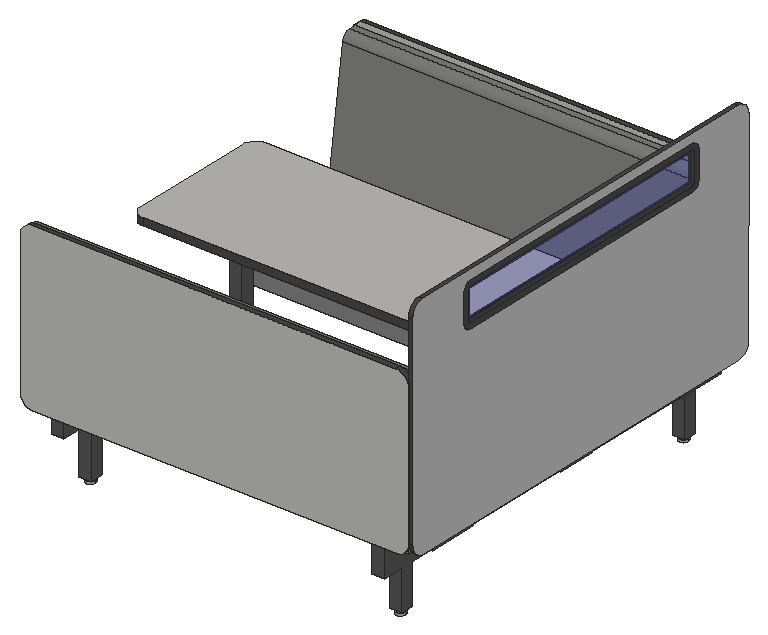
Revit family "Chariot Booth Windows - ES Width", category Furniture, Revit 2020
Family settings
  OmniClass Number = 23.40.20.00
  OmniClass Title = General Furniture and Specialties
  Work Plane-Based = No
  Always vertical = Yes
  Cut with Voids When Loaded = No
  Shared = No
  Room Calculation Point = No
Parameters (values of type "BOOTH20-60FB-6W")
  Window Width = if(Width = 3' 6", 2' 9 3/8", if(Width = 4' 0", 3' 1 3/8", 3' 9 3/8"))  # 3' - 9 3/8"
  Window Trim [instance] = Palmer Hamilton - Edge
  Window Height = if([Window 6"], 0' 5 11/16", 0' 11 11/16")  # 0' - 5 11/16"
  Window 6" = yes
  Window 12" = not([Window 6"])  # no
  Width = 5' - 0"
  Upholstered [instance] = no
  UK Secondary Seat Count = 6
  UK Primary Seat Count = 6
  Top Edge [instance] = Palmer Hamilton - Edge
  Top [instance] = Palmer Hamilton Lt Gry
  Smartedge [instance] = no
  Side Windows [instance] = not(Back Window)  # no
  Side Panel Laminate [instance] = Palmer Hamilton Lt Gry
  Side Panel [instance] = yes
  Seat Back [instance] = Fabric-Gen-Grey
  Seat [instance] = Fabric-Gen-Grey
  PanelHeight [instance] = if([Window 6"], 3' 11 115/128", 4' 7 115/128")  # 3' - 11 115/128"
  Panel Outside [instance] = Palmer Hamilton Lt Gry
  Panel Inside [instance] = Palmer Hamilton Lt Gry
  Model = "BOOTH20-60FB"
  Infill Panels [instance] = Glass
  High School [instance] = not(Elementary)  # no
  HS Seat Count = 6
  Frame [instance] = Palmer Hamilton Black
  Fiberglass [instance] = not(Upholstered)  # yes
  Elementary [instance] = yes
  Edgeguard [instance] = not(Smartedge)  # yes
  Edge [instance] = Palmer Hamilton Black Plastic
  ES Seat Count = 6
  Default Elevation = 0' - 0"
  Booth Width [instance] = if(Elementary, 5' 6", 5' 10")  # 5' - 6"
  Back Window [instance] = yes
Types (7): name | Window Width | Window Height | Window 6" | Window 12" | Width | UK Secondary Seat Count | UK Primary Seat Count | PanelHeight | Model | HS Seat Count | Frame | Edge | ES Seat Count
  (no name) | 3' - 9 3/8" | 0' - 5 11/16" | yes | no | 5' - 0" | 6 | 6 | 3' - 11 115/128" | "BOOTH20-60FB" | 6 | Palmer Hamilton Black | Palmer Hamilton Black Plastic | 6
  BOOTH20-42FB-6W | 2' - 9 3/8" | 0' - 5 11/16" | yes | no | 3' - 6" | 4 | 4 | 3' - 11 115/128" | "BOOTH20-42FB" | 4 | Palmer Hamilton - Frame | Palmer Hamilton - Edge | 4
  BOOTH20-60FB-6W | 3' - 9 3/8" | 0' - 5 11/16" | yes | no | 5' - 0" | 6 | 6 | 3' - 11 115/128" | "BOOTH20-60FB" | 6 | Palmer Hamilton Black | Palmer Hamilton Black Plastic | 6
  BOOTH20-48FB-6W | 3' - 1 3/8" | 0' - 5 11/16" | yes | no | 4' - 0" | 4 | 4 | 3' - 11 115/128" | "BOOTH20-48FB" | 4 | Palmer Hamilton Black | Palmer Hamilton Black Plastic | 4
  BOOTH20-42FB-12W | 2' - 9 3/8" | 0' - 11 11/16" | no | yes | 3' - 6" | 4 | 4 | 4' - 7 115/128" | "BOOTH20-42FB" | 4 | Palmer Hamilton - Frame | Palmer Hamilton - Edge | 4
  BOOTH20-48FB-12W | 3' - 1 3/8" | 0' - 11 11/16" | no | yes | 4' - 0" | 4 | 4 | 4' - 7 115/128" | "BOOTH20-48FB" | 4 | Palmer Hamilton Black | Palmer Hamilton Black Plastic | 4
  BOOTH20-60FB-12W | 3' - 9 3/8" | 0' - 11 11/16" | no | yes | 5' - 0" | 6 | 6 | 4' - 7 115/128" | "BOOTH20-60FB" | 6 | Palmer Hamilton Black | Palmer Hamilton Black Plastic | 6
Reference planes (in)
  plane 1 "Center Front/Back": y = 0
  plane 2: z = 0
  plane 3 "Center Left/Right": x = 0
  plane 4: x = 30
  plane 5: x = -30
  plane 6: y = 33
  plane 7: y = -33
  plane 8 "BoothTop": z = 47.89844
  plane 9: z = 45.89844
  plane 10: z = 40.21094
  plane 11: x = 22.6875
  plane 12: x = -22.6875
Forms (in)
  Extrusion 1, solid, material "Palmer Hamilton Black" <- "Frame"
    sketch origin (0, 17.82197, 0) x (0, 1, 0) y (0, 0, 1)
      loop
        line (7.05303, 0.71875) -> (9.05303, 0.71875) -> (9.05303, 9.125) -> (14.48803, 9.125) -> (14.48803, 17.875) -> (12.48803, 17.875) -> (12.48803, 11.125) -> (0.5, 11.125) -> (0.5, 9.125) -> (7.05303, 9.125) -> (7.05303, 0.71875)
    from -26.25 to -24.25
  Extrusion 2, solid, visible <- "Side Windows"
    sketch origin (0, 0, 0) x (1, 0, 0) y (0, 0, 1)
      loop
        arc (-28.625, 47.89844) -> (-30.03921, 47.31265) -> (-30.625, 45.89844) r 2
        line (-30.625, 45.89844) -> (-30.625, 13.8615)
        arc (-30.625, 13.8615) -> (-30.03921, 12.44729) -> (-28.625, 11.8615) r 2
        line (-28.625, 11.8615) -> (28.625, 11.8615)
        arc (28.625, 11.8615) -> (30.03921, 12.44729) -> (30.625, 13.8615) r 2
        line (30.625, 13.8615) -> (30.625, 45.89844)
        arc (30.625, 45.89844) -> (30.03921, 47.31265) -> (28.625, 47.89844) r 2
        line (28.625, 47.89844) -> (-28.625, 47.89844)
    from -33 to -32.31
  Revolve 3, solid, material "Palmer Hamilton - Steel"
    sketch origin (0, 25.875, 0) x (1, 0, 0) y (0, 0, 1)
      loop
        line (-25.25, 0.71875) -> (-25.25, 0) -> (-24.5, 0) -> (-24.5, 0.25) -> (-25.062, 0.57447) -> (-25.062, 0.71875) -> (-25.25, 0.71875)
      axis (-25.25, 0.71875) -> (-25.25, 0)
    angle from 0 to 360
  Revolve 4, solid, material "Palmer Hamilton - Steel"
    sketch origin (0, 27.875, 0) x (-1, 0, 0) y (0, 0, 1)
      loop
        line (-25.25, 0.71875) -> (-25.25, 0) -> (-24.5, 0) -> (-24.5, 0.25) -> (-25.062, 0.57447) -> (-25.062, 0.71875) -> (-25.25, 0.71875)
      axis (-25.25, 0.71875) -> (-25.25, 0)
    angle from 0 to 360
  Extrusion 5, solid, material "Palmer Hamilton Black" <- "Frame"
    sketch origin (0, 17.82197, 0) x (0, 1, 0) y (0, 0, -1)
      loop
        line (-17.82197, -11.125) -> (-22.82197, -11.125) -> (-22.82197, -26.90485) -> (-17.82197, -26.90485) -> (-12.82197, -26.90485) -> (-12.82197, -11.125) -> (-17.82197, -11.125)
      loop
        line (11.05303, -0.71875) -> (9.05303, -0.71875) -> (9.05303, -7.125) -> (-17.82197, -7.125) -> (-44.69697, -7.125) -> (-44.69697, -0.71875) -> (-46.69697, -0.71875) -> (-46.69697, -7.125) -> (-50.13197, -7.125) -> (-50.13197, -17.875) -> (-48.13197, -17.875) -> (-48.13197, -11.125) -> (-24.82197, -11.125) -> (-24.82197, -28.90485) -> (-17.82197, -28.90485) -> (-10.82197, -28.90485) -> (-10.82197, -11.125) -> (12.48803, -11.125) -> (12.48803, -17.875) -> (14.48803, -17.875) -> (14.48803, -7.125) -> (11.05303, -7.125) -> (11.05303, -0.71875)
    from -26.25 to -24.25
  Extrusion 6, solid, material "Fabric-Gen-Grey" <- "Seat Back", visible <- "Fiberglass"
    sketch origin (0, 17.82197, 0) x (0, 1, 0) y (0, 0, 1)
      loop
        arc (9.45696, 18.57019) -> (9.42777, 18.29252) -> (9.41803, 18.0135) r 4
        line (9.41803, 18.0135) -> (9.41803, 12.64434)
        arc (9.41803, 12.64434) -> (9.55836, 12.29701) -> (9.90057, 12.14464) r 0.5
        line (9.90057, 12.14464) -> (14.48803, 11.98435) -> (14.48803, 37.13912) -> (13.37058, 37.13912)
        arc (13.37058, 37.13912) -> (12.38649, 36.77118) -> (11.88518, 35.84788) r 1.5
        line (11.88518, 35.84788) -> (9.45696, 18.57019)
    from -30 to 30
  Extrusion 7, solid, visible <- "Edgeguard"
    sketch origin (-8.5675, 0, 0) x (0, -1, 0) y (1, 0, 0)
      loop
        arc (-10, 38.5675) -> (-11.41421, 37.98171) -> (-12, 36.5675) r 2
        line (-12, 36.5675) -> (-12, -19.4325)
        arc (-12, -19.4325) -> (-11.41421, -20.84671) -> (-10, -21.4325) r 2
        line (-10, -21.4325) -> (10, -21.4325)
        arc (10, -21.4325) -> (11.41421, -20.84671) -> (12, -19.4325) r 2
        line (12, -19.4325) -> (12, 36.5675)
        arc (12, 36.5675) -> (11.41421, 37.98171) -> (10, 38.5675) r 2
        line (10, 38.5675) -> (-10, 38.5675)
    from 28.90485 to 30.08985
  Extrusion 8, solid, material "Palmer Hamilton Black" <- "Frame"
    sketch origin (-8.5675, 0, 0) x (0, -1, 0) y (1, 0, 0)
      loop
        line (-1, -12.6825) -> (-1, -14.6825) -> (1, -14.6825) -> (1, -12.6825) -> (-1, -12.6825)
    from 28.90485 to 0.71875
  Revolve 9, solid, material "Palmer Hamilton - Steel"
    sketch origin (0, 0, 0) x (1, 0, 0) y (0, 0, 1)
      loop
        line (-22.25, 0.71875) -> (-22.25, 0) -> (-21.5, 0) -> (-21.5, 0.25) -> (-22.062, 0.57447) -> (-22.062, 0.71875) -> (-22.25, 0.71875)
      axis (-22.25, 0.71875) -> (-22.25, 0)
    angle from 0 to 360
  Revolve 10, solid, material "Palmer Hamilton - Steel"
    sketch origin (0, -25.875, 0) x (1, 0, 0) y (0, 0, -1)
      loop
        line (-25.25, -0.71875) -> (-25.062, -0.71875) -> (-25.062, -0.57447) -> (-24.5, -0.25) -> (-24.5, 0) -> (-25.25, 0) -> (-25.25, -0.71875)
      axis (-25.25, -0.71875) -> (-25.25, 0)
    angle from 0 to 360
  Revolve 11, solid, material "Palmer Hamilton - Steel"
    sketch origin (0, -27.875, 0) x (-1, 0, 0) y (0, 0, 1)
      loop
        line (-25.25, 0.71875) -> (-25.25, 0) -> (-24.5, 0) -> (-24.5, 0.25) -> (-25.062, 0.57447) -> (-25.062, 0.71875) -> (-25.25, 0.71875)
      axis (-25.25, 0.71875) -> (-25.25, 0)
    angle from 0 to 360
  Extrusion 12, solid, material "Palmer Hamilton Black" <- "Frame"
    sketch origin (0, -17.82197, 0) x (0, -1, 0) y (0, 0, -1)
      loop
        line (7.05303, -0.71875) -> (7.05303, -9.125) -> (0.5, -9.125) -> (0.5, -11.125) -> (12.48803, -11.125) -> (12.48803, -17.875) -> (14.48803, -17.875) -> (14.48803, -9.125) -> (9.05303, -9.125) -> (9.05303, -0.71875) -> (7.05303, -0.71875)
    from -26.25 to -24.25
  Extrusion 13, solid, visible <- "Side Windows"
    sketch origin (0, 0, 0) x (1, 0, 0) y (0, 0, -1)
      loop
        line (-28.625, -47.89844) -> (28.625, -47.89844)
        arc (28.625, -47.89844) -> (30.03921, -47.31265) -> (30.625, -45.89844) r 2
        line (30.625, -45.89844) -> (30.625, -13.8615)
        arc (30.625, -13.8615) -> (30.03921, -12.44729) -> (28.625, -11.8615) r 2
        line (28.625, -11.8615) -> (-28.625, -11.8615)
        arc (-28.625, -11.8615) -> (-30.03921, -12.44729) -> (-30.625, -13.8615) r 2
        line (-30.625, -13.8615) -> (-30.625, -45.89844)
        arc (-30.625, -45.89844) -> (-30.03921, -47.31265) -> (-28.625, -47.89844) r 2
    from -33 to -32.31
  Extrusion 14, solid, material "Palmer Hamilton Black" <- "Frame", visible <- "Side Panel"
    sketch origin (0, 0, 0) x (1, 0, 0) y (0, 0, 1)
      loop
        line (23.25, 7.125) -> (23.5, 7.125) -> (23.5, 10.875) -> (30.625, 10.875) -> (30.625, 14.125) -> (30.375, 14.125) -> (30.375, 11.125) -> (23.25, 11.125) -> (23.25, 7.125)
    from 20.375 to 28.375
  Extrusion 15, solid, material "Palmer Hamilton Black" <- "Frame", visible <- "Side Panel"
    sketch origin (0, 0, 0) x (1, 0, 0) y (0, 0, -1)
      loop
        line (23.25, -7.125) -> (23.25, -11.125) -> (30.375, -11.125) -> (30.375, -14.125) -> (30.625, -14.125) -> (30.625, -10.875) -> (23.5, -10.875) -> (23.5, -7.125) -> (23.25, -7.125)
    from 20.375 to 28.375
  Extrusion 16, solid, material "Palmer Hamilton Black" <- "Frame", visible <- "Side Panel"
    sketch origin (0, 0, 0) x (1, 0, 0) y (0, 0, 1)
      loop
        line (23.25, 7.125) -> (23.5, 7.125) -> (23.5, 10.875) -> (30.625, 10.875) -> (30.625, 14.125) -> (30.375, 14.125) -> (30.375, 11.125) -> (23.25, 11.125) -> (23.25, 7.125)
    from -3 to 3
  Extrusion 17, solid, visible <- "Smartedge"
    sketch origin (-8.5675, 0, 0) x (0, -1, 0) y (1, 0, 0)
      loop
        arc (-11, -19.4325) -> (-10.70711, -20.13961) -> (-10, -20.4325) r 1
        line (-10, -20.4325) -> (10, -20.4325)
        arc (10, -20.4325) -> (10.70711, -20.13961) -> (11, -19.4325) r 1
        line (11, -19.4325) -> (11, 36.5675)
        arc (11, 36.5675) -> (10.70711, 37.27461) -> (10, 37.5675) r 1
        line (10, 37.5675) -> (-10, 37.5675)
        arc (-10, 37.5675) -> (-10.70711, 37.27461) -> (-11, 36.5675) r 1
        line (-11, 36.5675) -> (-11, -19.4325)
    from 28.90485 to 30.08985
  Sweep 18, solid, material "Palmer Hamilton - Edge" <- "Top Edge", visible <- "Smartedge"
    path origin (0, 0, 0) x (1, 0, 0) y (0, 1, 0)
      loop
        line (28, 11) -> (-28, 11)
        arc (-28, 11) -> (-28.70711, 10.70711) -> (-29, 10) r 1
        line (-29, 10) -> (-29, -10)
        arc (-29, -10) -> (-28.70711, -10.70711) -> (-28, -11) r 1
        line (-28, -11) -> (28, -11)
        arc (28, -11) -> (28.70711, -10.70711) -> (29, -10) r 1
        line (29, -10) -> (29, 10)
        arc (29, 10) -> (28.70711, 10.70711) -> (28, 11) r 1
    profile origin (0, 11, 0) x (0, -1, 0) y (0, 0, 1)
      loop
        arc (-0.40625, 30.09235) -> (-1, 29.4986) -> (-0.40625, 28.90485) r 0.59375
        line (-0.40625, 28.90485) -> (0, 28.90485) -> (0, 30.09235) -> (-0.40625, 30.09235)
  Extrusion 19, solid, material "Palmer Hamilton Lt Gry" <- "Side Panel Laminate", visible <- "Side Panel"
    sketch origin (0, 0, 0) x (0, 1, 0) y (0, 0, 1)
      loop
        line (31, 47.89844) -> (-31, 47.89844)
        arc (-31, 47.89844) -> (-32.41421, 47.31265) -> (-33, 45.89844) r 2
        line (-33, 45.89844) -> (-33, 13.8615)
        arc (-33, 13.8615) -> (-32.41421, 12.44729) -> (-31, 11.8615) r 2
        line (-31, 11.8615) -> (31, 11.8615)
        arc (31, 11.8615) -> (32.41421, 12.44729) -> (33, 13.8615) r 2
        line (33, 13.8615) -> (33, 45.89844)
        arc (33, 45.89844) -> (32.41421, 47.31265) -> (31, 47.89844) r 2
    from 30.625 to 31.3125
  Extrusion 20, void
    sketch origin (0, 0, 0) x (1, 0, 0) y (0, 0, 1)
      loop
        line (-22.6875, 45.89844) -> (-22.6875, 40.21094) -> (22.6875, 40.21094) -> (22.6875, 45.89844) -> (-22.6875, 45.89844)
    from -38.09403 to -28.875
  Extrusion 21, void
    sketch origin (0, 0, 0) x (1, 0, 0) y (0, 0, 1)
      loop
        line (-22.6875, 45.89844) -> (-22.6875, 40.21094) -> (22.6875, 40.21094) -> (22.6875, 45.89844) -> (-22.6875, 45.89844)
    from 28.875 to 40.29628
  Extrusion 22, void
    sketch origin (0, 0, 0) x (0, 1, 0) y (0, 0, 1)
      loop
        line (22.5, 45.89844) -> (-22.5, 45.89844) -> (-22.5, 40.21094) -> (22.5, 40.21094) -> (22.5, 45.89844)
    from 15.25 to 39.64754
  Extrusion 23, solid, material "Glass" <- "Infill Panels", visible <- "Side Windows"
    sketch origin (0, 0, 0) x (1, 0, 0) y (0, 0, 1)
      loop
        line (-22.6875, 45.89844) -> (-22.6875, 40.21094) -> (22.6875, 40.21094) -> (22.6875, 45.89844) -> (-22.6875, 45.89844)
    from 32.78125 to 32.53125
  Extrusion 24, solid, material "Glass" <- "Infill Panels", visible <- "Side Windows"
    sketch origin (0, 0, 0) x (1, 0, 0) y (0, 0, -1)
      loop
        line (-22.6875, -45.89844) -> (22.6875, -45.89844) -> (22.6875, -40.21094) -> (-22.6875, -40.21094) -> (-22.6875, -45.89844)
    from 32.78125 to 32.53125
  Extrusion 25, solid, material "Glass" <- "Infill Panels", visible <- "Side Panel"
    sketch origin (0, 0, 0) x (0, 1, 0) y (0, 0, 1)
      loop
        line (22.5, 45.89844) -> (-22.5, 45.89844) -> (-22.5, 40.21094) -> (22.5, 40.21094) -> (22.5, 45.89844)
    from 30.84375 to 31.09375
  Sweep 26, solid, material "Palmer Hamilton - Edge" <- "Window Trim", visible <- "Side Windows"
    path origin (0, 0, 0) x (1, 0, 0) y (0, 0, 1)
      loop
        arc (-21.9375, 45.89844) -> (-22.46783, 45.67877) -> (-22.6875, 45.14844) r 0.75
        line (-22.6875, 45.14844) -> (-22.6875, 40.96094)
        arc (-22.6875, 40.96094) -> (-22.46783, 40.43061) -> (-21.9375, 40.21094) r 0.75
        line (-21.9375, 40.21094) -> (21.9375, 40.21094)
        arc (21.9375, 40.21094) -> (22.46783, 40.43061) -> (22.6875, 40.96094) r 0.75
        line (22.6875, 40.96094) -> (22.6875, 45.14844)
        arc (22.6875, 45.14844) -> (22.46783, 45.67877) -> (21.9375, 45.89844) r 0.75
        line (21.9375, 45.89844) -> (-21.9375, 45.89844)
    profile origin (0, 0, 45.89844) x (0, 0, 1) y (0, -1, 0)
      loop
        line (0.625, 33.0625) -> (-0.125, 33.0625) -> (-0.125, 32.84375) -> (-0.625, 32.84375) -> (-0.625, 32.78125) -> (0, 32.78125) -> (0, 33) -> (0.625, 33) -> (0.625, 33.0625)
      loop
        line (0.625, 32.2475) -> (0.625, 32.31) -> (0, 32.31) -> (0, 32.53125) -> (-0.625, 32.53125) -> (-0.625, 32.46625) -> (-0.125, 32.46625) -> (-0.125, 32.2475) -> (0.625, 32.2475)
  Sweep 27, solid, material "Palmer Hamilton - Edge" <- "Window Trim", visible <- "Side Windows"
    path origin (0, 67.3125, 0) x (1, 0, 0) y (0, 0, 1)
      loop
        arc (-21.9375, 45.89844) -> (-22.46783, 45.67877) -> (-22.6875, 45.14844) r 0.75
        line (-22.6875, 45.14844) -> (-22.6875, 40.96094)
        arc (-22.6875, 40.96094) -> (-22.46783, 40.43061) -> (-21.9375, 40.21094) r 0.75
        line (-21.9375, 40.21094) -> (21.9375, 40.21094)
        arc (21.9375, 40.21094) -> (22.46783, 40.43061) -> (22.6875, 40.96094) r 0.75
        line (22.6875, 40.96094) -> (22.6875, 45.14844)
        arc (22.6875, 45.14844) -> (22.46783, 45.67877) -> (21.9375, 45.89844) r 0.75
        line (21.9375, 45.89844) -> (-21.9375, 45.89844)
    profile origin (0, 67.3125, 45.89844) x (0, 0, 1) y (0, -1, 0)
      loop
        line (0.625, 34.25) -> (0.625, 34.3125) -> (0, 34.3125) -> (0, 34.46875) -> (-0.625, 34.46875) -> (-0.625, 34.40625) -> (-0.125, 34.40625) -> (-0.125, 34.25) -> (0.625, 34.25)
      loop
        line (0.625, 35.0625) -> (-0.125, 35.0625) -> (-0.125, 34.90625) -> (-0.625, 34.90625) -> (-0.625, 34.84375) -> (0, 34.84375) -> (0, 35) -> (0.625, 35) -> (0.625, 35.0625)
  Sweep 28, solid, material "Palmer Hamilton - Edge" <- "Window Trim", visible <- "Side Panel"
    path origin (0, 0, 0) x (0, 1, 0) y (0, 0, 1)
      loop
        line (21.75, 45.89844) -> (-21.75, 45.89844)
        arc (-21.75, 45.89844) -> (-22.28033, 45.67877) -> (-22.5, 45.14844) r 0.75
        line (-22.5, 45.14844) -> (-22.5, 40.96094)
        arc (-22.5, 40.96094) -> (-22.28033, 40.43061) -> (-21.75, 40.21094) r 0.75
        line (-21.75, 40.21094) -> (21.75, 40.21094)
        arc (21.75, 40.21094) -> (22.28033, 40.43061) -> (22.5, 40.96094) r 0.75
        line (22.5, 40.96094) -> (22.5, 45.14844)
        arc (22.5, 45.14844) -> (22.28033, 45.67877) -> (21.75, 45.89844) r 0.75
    profile origin (0, 0, 45.89844) x (0, 0, -1) y (1, 0, 0)
      loop
        line (-0.625, 30.5625) -> (0.125, 30.5625) -> (0.125, 30.78125) -> (0.625, 30.78125) -> (0.625, 30.84375) -> (0, 30.84375) -> (0, 30.625) -> (-0.625, 30.625) -> (-0.625, 30.5625)
      loop
        line (-0.625, 31.375) -> (-0.625, 31.3125) -> (0, 31.3125) -> (0, 31.09375) -> (0.625, 31.09375) -> (0.625, 31.15625) -> (0.125, 31.15625) -> (0.125, 31.375) -> (-0.625, 31.375)
  Extrusion 29, solid, material "Fabric-Gen-Grey" <- "Seat Back", visible <- "Fiberglass"
    sketch origin (0, -17.82197, 0) x (0, -1, 0) y (0, 0, -1)
      loop
        line (9.45696, -18.57019) -> (11.88518, -35.84788)
        arc (11.88518, -35.84788) -> (12.38649, -36.77118) -> (13.37058, -37.13912) r 1.5
        line (13.37058, -37.13912) -> (14.48803, -37.13912) -> (14.48803, -11.98435) -> (9.90057, -12.14464)
        arc (9.90057, -12.14464) -> (9.55836, -12.29701) -> (9.41803, -12.64434) r 0.5
        line (9.41803, -12.64434) -> (9.41803, -18.0135)
        arc (9.41803, -18.0135) -> (9.42777, -18.29252) -> (9.45696, -18.57019) r 4
    from -30 to 30
  Extrusion 30, solid, visible <- "Back Window"
    sketch origin (0, 0, 0) x (1, 0, 0) y (0, 0, 1)
      loop
        arc (-28.625, 37.924) -> (-30.03921, 37.33822) -> (-30.625, 35.924) r 2
        line (-30.625, 35.924) -> (-30.625, 13.8615)
        arc (-30.625, 13.8615) -> (-30.03921, 12.44729) -> (-28.625, 11.8615) r 2
        line (-28.625, 11.8615) -> (28.625, 11.8615)
        arc (28.625, 11.8615) -> (30.03921, 12.44729) -> (30.625, 13.8615) r 2
        line (30.625, 13.8615) -> (30.625, 35.924)
        arc (30.625, 35.924) -> (30.03921, 37.33822) -> (28.625, 37.924) r 2
        line (28.625, 37.924) -> (-28.625, 37.924)
    from 32.31 to 33
  Extrusion 31, solid, visible <- "Back Window"
    sketch origin (0, 0, 0) x (1, 0, 0) y (0, 0, -1)
      loop
        line (-28.625, -37.924) -> (28.625, -37.924)
        arc (28.625, -37.924) -> (30.03921, -37.33822) -> (30.625, -35.924) r 2
        line (30.625, -35.924) -> (30.625, -13.8615)
        arc (30.625, -13.8615) -> (30.03921, -12.44729) -> (28.625, -11.8615) r 2
        line (28.625, -11.8615) -> (-28.625, -11.8615)
        arc (-28.625, -11.8615) -> (-30.03921, -12.44729) -> (-30.625, -13.8615) r 2
        line (-30.625, -13.8615) -> (-30.625, -35.924)
        arc (-30.625, -35.924) -> (-30.03921, -37.33822) -> (-28.625, -37.924) r 2
    from 32.31 to 33
Cuts and joins
  Extrusion 20 cuts Extrusion 2
  Extrusion 21 cuts Extrusion 13
  Extrusion 22 cuts Extrusion 19
Dimensions and locks (in)
  equal spacing: plane 4, plane 3 "Center Left/Right", plane 5
  "Width": plane 4 to plane 5
  locked: Extrusion 1 to plane 5 at 3.75
  locked: Extrusion 1 to Extrusion 1 at 2
  locked: Extrusion 2 sketch curve to plane 4 at 0.625
  locked: plane 5 to Extrusion 2 sketch curve at 0.625
  locked: Extrusion 5 to Extrusion 5 at 2
  locked: plane 4 to Extrusion 5 at 3.75
  locked: Extrusion 8 sketch curve to Extrusion 8 sketch curve at 2
  Extrusion 8 sketch curve to Extrusion 8 sketch curve = 0' - 2"
  locked: Extrusion 7 sketch curve to Extrusion 7 sketch curve at 24
  locked: Extrusion 12 to Extrusion 12 at 2
  locked: plane 5 to Extrusion 12 at 3.75
  locked: Extrusion 5 to plane 4 at 3.75
  "Booth Width": plane 7 to plane 6
  locked: Extrusion 2 to plane 6 at 0.69
  locked: plane 7 to Extrusion 13 at 0.69
  locked: Revolve 10 to plane 7 at 7.125
  locked: plane 6 to Revolve 3 at 7.125
  locked: plane 6 to Revolve 4 at 5.125
  locked: Revolve 11 to plane 7 at 5.125
  equal spacing: plane 7, plane 1 "Center Front/Back", plane 6
  Extrusion 19 sketch curve to plane 1 "Center Front/Back" to Extrusion 19 sketch curve = 2' - 9" locked, 2' - 9" locked
  locked: plane 6 to nested 1 at 7.3225
  locked: nested 2 to plane 7 at 7.3225
  locked: Extrusion 19 to plane 4 at 0.625
  locked: Extrusion 19 to Extrusion 19 at 0.6875
  locked: plane 6 to nested 3 at 7.51
  locked: nested 4 to plane 7 at 7.51
  locked: nested 6 to plane 7 at 0.69
  locked: plane 6 to nested 5 at 0.69
  "PanelHeight": plane 8 "BoothTop" to level
  locked: Extrusion 19 sketch curve to level at 11.8615
  equal spacing: plane 11, plane 3 "Center Left/Right", plane 12
  "Window Width": plane 11 to plane 12
  locked: plane 8 "BoothTop" to plane 9 at 2
  "Window Height": plane 9 to plane 10
  equal spacing: Extrusion 22 sketch curve, plane 1 "Center Front/Back", Extrusion 22 sketch curve
  locked: Extrusion 22 sketch curve to Extrusion 22 sketch curve at 45
  locked: Extrusion 23 to Extrusion 23 at 0.25
  locked: Extrusion 23 to cut or joined group of Extrusion 13, Extrusion 21 at 0.21875
  cut or joined group of Extrusion 2, Extrusion 20 to Extrusion 24 to Extrusion 24 = 0' - 0 7/32" locked, 0' - 0 1/4" locked
  cut or joined group of Extrusion 19, Extrusion 22 to Extrusion 25 to Extrusion 25 = 0' - 0 7/32" locked, 0' - 0 1/4" locked
  Extrusion 5 sketch curve to Extrusion 7 = 0' - 2"
  locked: Extrusion 6 sketch curve to level at 37.13912
  locked: Extrusion 12 to Revolve 10 sketch curve at 1
  locked: Extrusion 5 to Revolve 11 sketch curve at 1
  locked: Extrusion 5 to Revolve 4 sketch curve at 1
  locked: Extrusion 1 to Revolve 3 sketch curve at 1
  locked: Extrusion 29 sketch curve to level at 37.13912
  Extrusion 30 sketch curve to cut or joined group of Extrusion 13, Extrusion 21 to level = 2' - 2 1/16", 0' - 11.8615"
  Extrusion 30 to Extrusion 30 to level = 2' - 2 1/16" locked, 0' - 11.8615" locked
  locked: plane 6 to Extrusion 5 sketch curve at 0.69
  locked: plane 6 to Extrusion 5 sketch curve at 4.125
  locked: Extrusion 5 sketch curve to Extrusion 5 sketch curve at 2  (x4)
  equal spacing: Extrusion 5 sketch curve, plane 1 "Center Front/Back", Extrusion 5 sketch curve, locked at 7 each
  equal spacing: Extrusion 5 sketch curve, plane 1 "Center Front/Back", Extrusion 5 sketch curve, locked at 5 each
  locked: Extrusion 5 sketch curve to plane 7 at 0.69
  locked: Extrusion 5 sketch curve to plane 7 at 4.125
  radius of Extrusion 19 sketch curve = 0' - 2"  (x4)
  radius of Sweep 28 sketch curve = 0' - 0 3/4"  (x2)
  aligned and locked: level to plane 2
  aligned and locked: Extrusion 6 to plane 5
  aligned and locked: plane 4 to Extrusion 6
  aligned and locked: Extrusion 8 to Extrusion 7
  aligned and locked: plane 7 to Extrusion 13
  aligned and locked: Extrusion 2 to plane 6
  aligned and locked: plane 3 "Center Left/Right" to nested 1
  aligned and locked: nested 2 to plane 3 "Center Left/Right"
  aligned and locked: plane 3 "Center Left/Right" to nested 5
  aligned and locked: nested 6 to plane 3 "Center Left/Right"
  aligned and locked: Extrusion 13 sketch curve to plane 8 "BoothTop"
  aligned and locked: Extrusion 2 sketch curve to plane 8 "BoothTop"
  aligned and locked: Extrusion 19 sketch curve to plane 8 "BoothTop"
  aligned and locked: Extrusion 20 sketch curve to plane 9
  aligned and locked: plane 12 to Extrusion 20 sketch curve
  aligned and locked: plane 10 to Extrusion 20 sketch curve
  aligned and locked: Extrusion 20 sketch curve to plane 11
  aligned and locked: Extrusion 21 sketch curve to cut or joined group of Extrusion 2, Extrusion 20  (x4)
  aligned and locked: plane 9 to Extrusion 22 sketch curve
  aligned and locked: Extrusion 22 sketch curve to plane 10
  aligned and locked: Extrusion 23 sketch curve to cut or joined group of Extrusion 2, Extrusion 20  (x3)
  aligned and locked: Extrusion 23 sketch curve to plane 11
  aligned and locked: Extrusion 25 sketch curve to cut or joined group of Extrusion 19, Extrusion 22  (x4)
  aligned and locked: Sweep 26 sketch curve to cut or joined group of Extrusion 2, Extrusion 20  (x4)
  aligned and locked: Sweep 26 to cut or joined group of Extrusion 13, Extrusion 21
  aligned and locked: Extrusion 5 to Extrusion 7
  aligned and locked: Extrusion 7 to Extrusion 5 sketch curve
  aligned and locked: Sweep 27 sketch curve to plane 6
  aligned and locked: cut or joined group of Extrusion 19, Extrusion 22 to Sweep 28 sketch curve  (x3)
  aligned and locked: Sweep 28 sketch curve to cut or joined group of Extrusion 19, Extrusion 22  (x3)
  aligned and locked: Extrusion 25 to Sweep 28 sketch curve
  aligned and locked: Sweep 28 sketch curve to Extrusion 25
  aligned and locked: cut or joined group of Extrusion 13, Extrusion 21 to Sweep 26 sketch curve
  aligned and locked: Sweep 26 sketch curve to Extrusion 23
  aligned and locked: Extrusion 30 sketch curve to cut or joined group of Extrusion 13, Extrusion 21  (x3)
  aligned and locked: plane 7 to Extrusion 30
  aligned and locked: Extrusion 30 to Extrusion 5
  aligned and locked: Extrusion 31 to cut or joined group of Extrusion 2, Extrusion 20
  aligned and locked: cut or joined group of Extrusion 2, Extrusion 20 to Extrusion 31
  aligned and locked: Extrusion 31 sketch curve to Extrusion 30
  aligned and locked: Extrusion 29 to plane 5
  aligned and locked: plane 4 to Extrusion 29
Automatic sketch dimensions
  plane 6 to Extrusion 1 sketch curve = 1' - 2.67803"
  Extrusion 1 sketch curve to Extrusion 1 sketch curve = 0' - 6.55303"
  Extrusion 1 sketch curve to Extrusion 1 sketch curve = 0' - 2"  (x2)
  plane 6 to Extrusion 1 sketch curve = 0' - 2.69"
  plane 6 to Extrusion 1 sketch curve = 0' - 0.69"
  level to Extrusion 1 sketch curve = 0' - 0 23/32"
  level to Extrusion 1 sketch curve = 0' - 9 1/8"
  Extrusion 1 sketch curve to Extrusion 1 sketch curve = 0' - 0"
  Extrusion 1 sketch curve to Extrusion 1 sketch curve = 0' - 6 3/4"
  Extrusion 2 sketch curve to plane 9 = 0' - 0"  (x2)
  plane 5 to Extrusion 2 sketch curve = 0' - 1 3/8"
  Extrusion 2 sketch curve to plane 4 = 0' - 1 3/8"
  level to Extrusion 2 sketch curve = 1' - 1.8615"
  Revolve 3 sketch curve to level = 0' - 0"  (x2)
  Revolve 3 sketch curve to Revolve 3 sketch curve = 0' - 0"  (x2)
  Revolve 3 sketch curve to Revolve 3 sketch curve = 0' - 0.188"
  Revolve 3 sketch curve to Revolve 3 sketch curve = 0' - 0 3/4"
  Revolve 3 sketch curve to Revolve 3 sketch curve = 0' - 0 1/4"
  level to Revolve 3 sketch curve = 0' - 0.57447"
  Revolve 3 sketch curve to Revolve 3 sketch curve = 0' - 0.14428"
  Revolve 4 sketch curve to level = 0' - 0"  (x2)
  Revolve 4 sketch curve to Revolve 4 sketch curve = 0' - 0"  (x2)
  Revolve 4 sketch curve to Revolve 4 sketch curve = 0' - 0.188"
  Revolve 4 sketch curve to Revolve 4 sketch curve = 0' - 0 3/4"
  Revolve 4 sketch curve to level = 0' - 0 1/4"
  Revolve 4 sketch curve to level = 0' - 0.57447"
  Revolve 4 sketch curve to Revolve 4 sketch curve = 0' - 0.14428"
  Extrusion 5 sketch curve to plane 1 "Center Front/Back" = 0' - 0"  (x4)
  Extrusion 5 sketch curve to Extrusion 5 sketch curve = 0' - 2"
  level to Extrusion 5 sketch curve = 0' - 0 23/32"  (x2)
  Extrusion 5 sketch curve to Extrusion 5 sketch curve = 1' - 5 5/32"
  level to Extrusion 5 sketch curve = 1' - 5 7/8"
  level to Extrusion 5 sketch curve = 0' - 11 1/8"
  Extrusion 5 sketch curve to Extrusion 5 sketch curve = 0' - 0"  (x3)
  Extrusion 5 sketch curve to Extrusion 5 sketch curve = 0' - 4"  (x2)
  plane 6 to Extrusion 6 sketch curve = 0' - 5.76"
  Extrusion 6 sketch curve to Extrusion 6 sketch curve = 0' - 0.03893"
  Extrusion 6 sketch curve to Extrusion 6 sketch curve = 0' - 0.48254"
  Extrusion 6 sketch curve to Extrusion 6 sketch curve = 0' - 0 1/2"
  plane 6 to Extrusion 6 sketch curve = 0' - 3.29285"
  Extrusion 6 sketch curve to Extrusion 6 sketch curve = 0' - 1.4854"
  plane 6 to Extrusion 6 sketch curve = 0' - 1.76"
  plane 6 to Extrusion 6 sketch curve = 0' - 0.69"
  Extrusion 6 sketch curve to Extrusion 6 sketch curve = 0' - 1.29124"
  Extrusion 6 sketch curve to Extrusion 6 sketch curve = 1' - 5.27769"
  Extrusion 6 sketch curve to Extrusion 6 sketch curve = 0' - 5.36916"
  Extrusion 6 sketch curve to Extrusion 6 sketch curve = 0' - 0.1603"
  Extrusion 7 sketch curve to plane 5 = 0' - 0"
  Extrusion 7 sketch curve to plane 4 = 0' - 0"
  plane 5 to Extrusion 7 sketch curve = 0' - 2"
  Extrusion 7 sketch curve to plane 1 "Center Front/Back" = 1' - 0"
  Extrusion 7 sketch curve to Extrusion 7 sketch curve = 0' - 2"  (x3)
  Extrusion 8 sketch curve to plane 1 "Center Front/Back" = 0' - 1"
  plane 1 "Center Front/Back" to Extrusion 8 sketch curve = 0' - 1"
  Extrusion 8 sketch curve to plane 12 = 0' - 0 9/16"
  Revolve 9 sketch curve to level = 0' - 0"  (x2)
  plane 12 to Revolve 9 sketch curve = 0' - 0 7/16"
  Revolve 9 sketch curve to Revolve 9 sketch curve = 0' - 0.188"
  Revolve 9 sketch curve to Revolve 9 sketch curve = 0' - 0 3/4"
  Revolve 9 sketch curve to Revolve 9 sketch curve = 0' - 0 1/4"
  level to Revolve 9 sketch curve = 0' - 0.57447"
  Revolve 9 sketch curve to Revolve 9 sketch curve = 0' - 0.14428"
  Revolve 9 sketch curve to Revolve 9 sketch curve = 0' - 0"  (x2)
  Revolve 10 sketch curve to level = 0' - 0"  (x2)
  Revolve 10 sketch curve to Revolve 10 sketch curve = 0' - 0"  (x2)
  Revolve 10 sketch curve to Revolve 10 sketch curve = 0' - 0.188"
  Revolve 10 sketch curve to Revolve 10 sketch curve = 0' - 0 3/4"
  Revolve 10 sketch curve to Revolve 10 sketch curve = 0' - 0 1/4"
  level to Revolve 10 sketch curve = 0' - 0.57447"
  Revolve 10 sketch curve to Revolve 10 sketch curve = 0' - 0.14428"
  Revolve 11 sketch curve to level = 0' - 0"  (x2)
  Revolve 11 sketch curve to Revolve 11 sketch curve = 0' - 0"  (x2)
  Revolve 11 sketch curve to Revolve 11 sketch curve = 0' - 0.188"
  Revolve 11 sketch curve to Revolve 11 sketch curve = 0' - 0 3/4"
  level to Revolve 11 sketch curve = 0' - 0 1/4"
  level to Revolve 11 sketch curve = 0' - 0.57447"
  Revolve 11 sketch curve to Revolve 11 sketch curve = 0' - 0.14428"
  plane 7 to Extrusion 12 sketch curve = 1' - 2.67803"
  Extrusion 12 sketch curve to Extrusion 12 sketch curve = 0' - 6.55303"
  Extrusion 12 sketch curve to Extrusion 12 sketch curve = 0' - 2"  (x2)
  plane 7 to Extrusion 12 sketch curve = 0' - 2.69"
  plane 7 to Extrusion 12 sketch curve = 0' - 0.69"
  Extrusion 12 sketch curve to level = 0' - 0 23/32"
  Extrusion 12 sketch curve to level = 0' - 9 1/8"
  Extrusion 12 sketch curve to Extrusion 12 sketch curve = 0' - 0"
  Extrusion 12 sketch curve to Extrusion 12 sketch curve = 0' - 6 3/4"
  Extrusion 13 sketch curve to plane 9 = 0' - 0"  (x2)
  Extrusion 13 sketch curve to plane 5 = 0' - 0 5/8"
  plane 5 to Extrusion 13 sketch curve = 0' - 1 3/8"
  Extrusion 13 sketch curve to plane 4 = 0' - 1 3/8"  (x2)
  level to Extrusion 13 sketch curve = 1' - 1.8615"
  plane 11 to Extrusion 14 sketch curve = 0' - 0 9/16"
  Extrusion 14 sketch curve to Extrusion 14 sketch curve = 0' - 0 1/4"  (x3)
  plane 4 to Extrusion 14 sketch curve = 0' - 0 3/8"
  level to Extrusion 14 sketch curve = 0' - 7 1/8"
  Extrusion 14 sketch curve to Extrusion 14 sketch curve = 0' - 3 3/4"
  Extrusion 14 sketch curve to Extrusion 14 sketch curve = 0' - 3"
  plane 11 to Extrusion 15 sketch curve = 0' - 0 9/16"
  Extrusion 15 sketch curve to Extrusion 15 sketch curve = 0' - 0 1/4"  (x3)
  plane 4 to Extrusion 15 sketch curve = 0' - 0 3/8"
  level to Extrusion 15 sketch curve = 1' - 2 1/8"
  Extrusion 15 sketch curve to Extrusion 15 sketch curve = 0' - 3"
  Extrusion 15 sketch curve to Extrusion 15 sketch curve = 0' - 3 3/4"
  plane 11 to Extrusion 16 sketch curve = 0' - 0 9/16"
  Extrusion 16 sketch curve to Extrusion 16 sketch curve = 0' - 0 1/4"  (x3)
  plane 4 to Extrusion 16 sketch curve = 0' - 0 3/8"
  level to Extrusion 16 sketch curve = 0' - 7 1/8"
  Extrusion 16 sketch curve to Extrusion 16 sketch curve = 0' - 3 3/4"
  Extrusion 16 sketch curve to Extrusion 16 sketch curve = 0' - 3"
  plane 5 to Extrusion 17 sketch curve = 0' - 2"
  Extrusion 17 sketch curve to plane 1 "Center Front/Back" = 0' - 11"
  Extrusion 17 sketch curve to Extrusion 17 sketch curve = 0' - 1"  (x2)
  plane 5 to Extrusion 17 sketch curve = 0' - 1"
  plane 1 "Center Front/Back" to Extrusion 17 sketch curve = 0' - 10"  (x2)
  Extrusion 17 sketch curve to plane 4 = 0' - 1"
  plane 5 to Sweep 18 sketch curve = 0' - 1"
  Sweep 18 sketch curve to Sweep 18 sketch curve = 0' - 1"  (x3)
  Sweep 18 sketch curve to plane 4 = 0' - 2"  (x2)
  plane 1 "Center Front/Back" to Sweep 18 sketch curve = 0' - 11"
  Sweep 18 sketch curve to plane 1 "Center Front/Back" = 0' - 10"
  Sweep 18 sketch curve to profile plane = 0' - 0"
  profile plane to Sweep 18 sketch curve = 0' - 0 13/32"
  level to Sweep 18 sketch curve = 2' - 4.90485"
  Sweep 18 sketch curve to Sweep 18 sketch curve = 0' - 0 19/32"
  Sweep 18 sketch curve to Sweep 18 sketch curve = 0' - 0"
  Extrusion 24 sketch curve to plane 10 = 0' - 0"
  Extrusion 24 sketch curve to plane 12 = 0' - 0"
  Extrusion 24 sketch curve to plane 11 = 0' - 0"
  Extrusion 24 sketch curve to plane 9 = 0' - 0"
  plane 12 to Sweep 26 sketch curve = 0' - 0 3/4"
  Sweep 26 sketch curve to plane 9 = 0' - 0 3/4"
  Sweep 26 sketch curve to Sweep 26 sketch curve = 0' - 0 3/4"
  Sweep 26 sketch curve to plane 11 = 0' - 0 3/4"
  profile plane to Sweep 26 sketch curve = 0' - 0"  (x2)
  profile plane to Sweep 26 sketch curve = 0' - 0 1/8"  (x2)
  Sweep 26 sketch curve to Sweep 26 sketch curve = 0' - 0 1/2"
  Sweep 26 sketch curve to Sweep 26 sketch curve = 0' - 0"
  Sweep 26 sketch curve to profile plane = 0' - 0 5/8"  (x2)
  Sweep 26 sketch curve to Sweep 26 sketch curve = 0' - 0 1/16"  (x3)
  Sweep 26 sketch curve to Sweep 26 sketch curve = 0' - 0.065"
  Sweep 26 sketch curve to Sweep 26 sketch curve = 0' - 0 1/4"
  Sweep 26 sketch curve to Sweep 26 sketch curve = 0' - 0 5/32"
  Sweep 27 sketch curve to plane 12 = 0' - 0"
  Sweep 27 sketch curve to plane 10 = 0' - 0"
  Sweep 27 sketch curve to plane 9 = 0' - 0"
  Sweep 27 sketch curve to plane 11 = 0' - 0"
  plane 12 to Sweep 27 sketch curve = 0' - 0 3/4"
  Sweep 27 sketch curve to Sweep 27 sketch curve = 0' - 0 3/4"  (x2)
  Sweep 27 sketch curve to plane 11 = 0' - 0 3/4"
  profile plane to Sweep 27 sketch curve = 0' - 0"  (x2)
  profile plane to Sweep 27 sketch curve = 0' - 0 1/8"  (x2)
  Sweep 27 sketch curve to Sweep 27 sketch curve = 0' - 0 1/2"
  Sweep 27 sketch curve to Sweep 27 sketch curve = 0' - 0"
  Sweep 27 sketch curve to profile plane = 0' - 0 5/8"  (x2)
  Sweep 27 sketch curve to Sweep 27 sketch curve = 0' - 0 1/16"  (x4)
  Sweep 27 sketch curve to Sweep 27 sketch curve = 0' - 0 5/32"  (x2)
  Sweep 27 sketch curve to Sweep 27 sketch curve = 0' - 0 3/8"
  Sweep 28 sketch curve to Sweep 28 sketch curve = 0' - 0 3/4"  (x2)
  Sweep 28 sketch curve to profile plane = 0' - 0"  (x2)
  profile plane to Sweep 28 sketch curve = 0' - 0 5/8"  (x2)
  Sweep 28 sketch curve to profile plane = 0' - 0 1/8"  (x2)
  Sweep 28 sketch curve to Sweep 28 sketch curve = 0' - 0 1/2"
  Sweep 28 sketch curve to Sweep 28 sketch curve = 0' - 0"
  Sweep 28 sketch curve to Sweep 28 sketch curve = 0' - 0 1/16"  (x4)
  Extrusion 29 sketch curve to plane 7 = 0' - 5.76"
  Extrusion 29 sketch curve to Extrusion 29 sketch curve = 0' - 0.03893"
  Extrusion 29 sketch curve to Extrusion 29 sketch curve = 0' - 0.48254"
  Extrusion 29 sketch curve to Extrusion 29 sketch curve = 0' - 0 1/2"
  Extrusion 29 sketch curve to plane 7 = 0' - 3.29285"
  Extrusion 29 sketch curve to Extrusion 29 sketch curve = 0' - 1.4854"
  Extrusion 29 sketch curve to plane 7 = 0' - 1.76"
  Extrusion 29 sketch curve to plane 7 = 0' - 0.69"
  Extrusion 29 sketch curve to Extrusion 29 sketch curve = 0' - 1.29124"
  Extrusion 29 sketch curve to Extrusion 29 sketch curve = 1' - 5.27769"
  Extrusion 29 sketch curve to Extrusion 29 sketch curve = 0' - 5.36916"
  Extrusion 29 sketch curve to Extrusion 29 sketch curve = 0' - 0.1603"
  plane 5 to Extrusion 30 sketch curve = 0' - 1 3/8"  (x2)
  Extrusion 30 sketch curve to plane 4 = 0' - 1 3/8"  (x2)
  Extrusion 31 sketch curve to plane 5 = 0' - 0 5/8"
  plane 5 to Extrusion 31 sketch curve = 0' - 1 3/8"  (x2)
  Extrusion 31 sketch curve to plane 4 = 0' - 1 3/8"  (x2)
  plane 4 to Extrusion 31 sketch curve = 0' - 0 5/8"
  level to Extrusion 31 sketch curve = 1' - 1.8615"
  plane 1 "Center Front/Back" to Extrusion 5 sketch curve = 0' - 7"
Nested families (in)
  nested 1: "Fiberglass Bench" at (0, -0.26947, 0), visible <- "Fiberglass", Width <- "Width", Seat <- "Seat", type "BOOTH20-42FB"
    with Width 5' - 0", Seat Fabric-Gen-Grey
  nested 2: "Fiberglass Bench" at (0, 0.26947, 0), visible <- "Fiberglass", Width <- "Width", Seat <- "Seat", type "BOOTH20-42FB"
    with Width 5' - 0", Seat Fabric-Gen-Grey
  nested 3: "Upholstered Seat" at (0, 0.75, 0), Seat <- "Seat", Width <- "Width", visible <- "Upholstered", type "Upholstered Seat"
    with Width 5' - 0", Seat Fabric-Gen-Grey
  nested 4: "Upholstered Seat" at (0, -0.75, 0), Seat <- "Seat", Width <- "Width", visible <- "Upholstered", type "Upholstered Seat"
    with Width 5' - 0", Seat Fabric-Gen-Grey
  nested 5: "Upholstered Back" at (0, 0.5, 0), Width <- "Width", visible <- "Upholstered", Seat Back <- "Seat Back", type "Upholstered Back"
    with Width 5' - 0", Seat Back Fabric-Gen-Grey
  nested 6: "Upholstered Back" at (0, -0.5, 0), Width <- "Width", visible <- "Upholstered", Seat Back <- "Seat Back", type "Upholstered Back"
    with Width 5' - 0", Seat Back Fabric-Gen-Grey
Definition of nested family "Fiberglass Bench"
  Parameters (values of type "Fiberglass Seat")
    Width [instance] = 5' - 0"
    Seat [instance] = none
    Model = ""
    Default Elevation = 0' - 0"
  Reference planes (in)
    plane 1 "Center Front/Back": y = 0
    plane 2: z = 0
    plane 3 "Center Left/Right": x = 0
    plane 4: x = 30
    plane 5: x = -30
  Forms (in)
    Extrusion 1, solid, material <- "Seat"
      sketch origin (0, 17.82197, 0) x (0, 1, 0) y (0, 0, 1)
        loop
          arc (-6.02459, 17.75) -> (-7.37446, 17.16816) -> (-7.96204, 15.82078) r 2
          line (-7.96204, 15.82078) -> (-8.125, 11.15703) -> (8.125, 11.15703) -> (7.95287, 16.08324)
          arc (7.95287, 16.08324) -> (7.69642, 16.71768) -> (7.09206, 17.03867) r 1
          arc (7.09206, 17.03867) -> (0.54883, 17.67274) -> (-6.02459, 17.75) r 77.5
      from -30 to 30
  Dimensions and locks (in)
    equal spacing: plane 4, plane 3 "Center Left/Right", plane 5
    "Width": plane 4 to plane 5
    equal spacing: plane 5, plane 3 "Center Left/Right", plane 4
    aligned and locked: level to plane 2
    aligned and locked: Extrusion 1 to plane 5
    aligned and locked: plane 4 to Extrusion 1
  Automatic sketch dimensions
    Extrusion 1 sketch curve to plane 1 "Center Front/Back" = 0' - 9.69697"
    Extrusion 1 sketch curve to Extrusion 1 sketch curve = 0' - 0.16296"
    Extrusion 1 sketch curve to Extrusion 1 sketch curve = 0' - 1.99878"
    Extrusion 1 sketch curve to plane 1 "Center Front/Back" = 1' - 2.17404"
    Extrusion 1 sketch curve to Extrusion 1 sketch curve = 0' - 0.99939"
    Extrusion 1 sketch curve to Extrusion 1 sketch curve = 0' - 0.17213"
    Extrusion 1 sketch curve to level = 4' - 11.71355"
    level to Extrusion 1 sketch curve = 0' - 11.15703"
    Extrusion 1 sketch curve to Extrusion 1 sketch curve = 0' - 4.59392"
    Extrusion 1 sketch curve to Extrusion 1 sketch curve = 0' - 0.06984"
    Extrusion 1 sketch curve to Extrusion 1 sketch curve = 0' - 4.89129"
    Extrusion 1 sketch curve to Extrusion 1 sketch curve = 0' - 0.03492"
    Extrusion 1 sketch curve to Extrusion 1 sketch curve = 0' - 0"
    Extrusion 1 sketch curve to Extrusion 1 sketch curve = 1' - 0.91674"
Definition of nested family "Upholstered Seat"
  Parameters (values of type "Upholstered Seat")
    Width [instance] = 3' - 6"
    Seat [instance] = none
    Model = ""
    Default Elevation = 0' - 0"
  Reference planes (in)
    plane 1 "Center Front/Back": y = 0
    plane 2: z = 0
    plane 3 "Center Left/Right": x = 0
    plane 4: x = 21
    plane 5: x = -21
    plane 6: y = 32.5
    plane 7: y = -32.5
  Forms (in)
    Extrusion 1, solid, material <- "Seat"
      sketch origin (0, 17.82197, 0) x (0, 1, 0) y (0, 0, 1)
        loop
          line (-9.94697, 11.125) -> (6.91803, 11.125) -> (6.91803, 17.625)
          arc (6.91803, 17.625) -> (6.47869, 18.68566) -> (5.41803, 19.125) r 1.5
          line (5.41803, 19.125) -> (-8.44697, 19.125)
          arc (-8.44697, 19.125) -> (-9.50763, 18.68566) -> (-9.94697, 17.625) r 1.5
          line (-9.94697, 17.625) -> (-9.94697, 11.125)
      from -21 to 21
  Dimensions and locks (in)
    equal spacing: plane 4, plane 3 "Center Left/Right", plane 5
    "Width": plane 4 to plane 5
    aligned and locked: level to plane 2
    aligned and locked: Extrusion 1 to plane 5
    aligned and locked: plane 4 to Extrusion 1
  Automatic sketch dimensions
    Extrusion 1 sketch curve to Extrusion 1 sketch curve = 0' - 1 1/2"  (x2)
    Extrusion 1 sketch curve to plane 1 "Center Front/Back" = 0' - 9 3/8"
    level to Extrusion 1 sketch curve = 0' - 11 1/8"
    Extrusion 1 sketch curve to Extrusion 1 sketch curve = 0' - 6 1/2"
    plane 6 to Extrusion 1 sketch curve = 0' - 9.26"
Definition of nested family "Upholstered Back"
  Parameters (values of type "Upholstered Back")
    Width [instance] = 3' - 6"
    Seat Back [instance] = none
    Model = ""
    Default Elevation = 0' - 0"
  Reference planes (in)
    plane 1 "Center Front/Back": y = 0
    plane 2: z = 0
    plane 3 "Center Left/Right": x = 0
    plane 4: x = 21
    plane 5: x = -21
    plane 6: y = 32.5
    plane 7: y = -32.5
  Forms (in)
    Extrusion 1, solid, material <- "Seat Back"
      sketch origin (0, 17.82197, 0) x (0, 1, 0) y (0, 0, 1)
        loop
          arc (8.95696, 18.57019) -> (8.92777, 18.29252) -> (8.91803, 18.0135) r 4
          line (8.91803, 18.0135) -> (8.91803, 11.98435) -> (13.98803, 11.98435) -> (13.98803, 36.89817) -> (12.83672, 36.89817)
          arc (12.83672, 36.89817) -> (11.85263, 36.53023) -> (11.35132, 35.60693) r 1.5
          line (11.35132, 35.60693) -> (8.95696, 18.57019)
      from -21 to 21
  Dimensions and locks (in)
    equal spacing: plane 4, plane 3 "Center Left/Right", plane 5
    "Width": plane 4 to plane 5
    aligned and locked: level to plane 2
    aligned and locked: Extrusion 1 to plane 5
    aligned and locked: plane 4 to Extrusion 1
  Automatic sketch dimensions
    plane 6 to Extrusion 1 sketch curve = 0' - 5.76"
    Extrusion 1 sketch curve to Extrusion 1 sketch curve = 0' - 0.03893"
    plane 6 to Extrusion 1 sketch curve = 0' - 3.32671"
    Extrusion 1 sketch curve to Extrusion 1 sketch curve = 0' - 1.4854"
    plane 6 to Extrusion 1 sketch curve = 0' - 1.76"
    plane 6 to Extrusion 1 sketch curve = 0' - 0.69"
    level to Extrusion 1 sketch curve = 0' - 11.98435"
    Extrusion 1 sketch curve to Extrusion 1 sketch curve = 0' - 6.02915"
    Extrusion 1 sketch curve to Extrusion 1 sketch curve = 1' - 4.82798"
    Extrusion 1 sketch curve to Extrusion 1 sketch curve = 0' - 0.20876"
